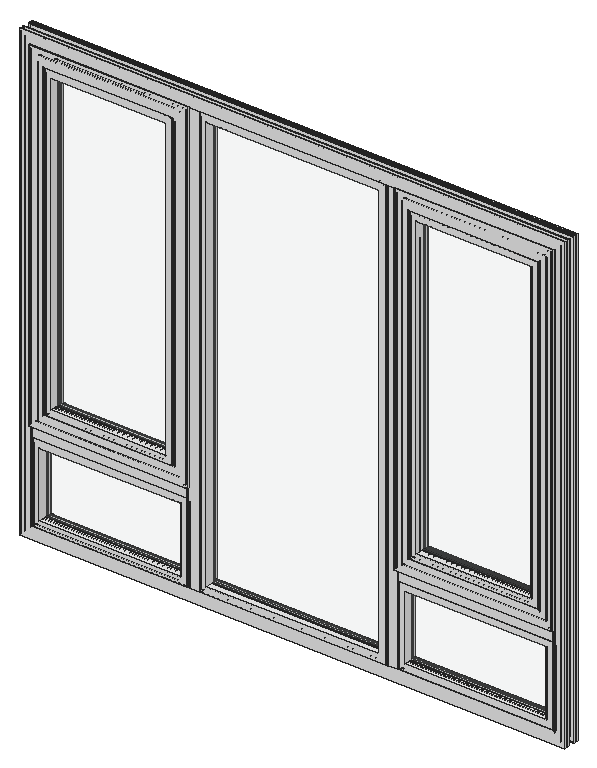
Revit family "Serene_T&T_Window_F_Custom", category Windows, host Wall, Revit 2014
Parameters (values of type "Serene_T&T_Window_F_Custom")
  Windload Design = if(Custom Windload < 1001 mm, 1000 mm, if(Custom Windload < 1501 mm, 1500 mm, 2000 mm))  # 1000 mm
  Width Sash [instance] = 522 mm
  Width = if(Custom Window Width > Limit Window Width Max, Limit Window Width Max, if(Custom Window Width < Limit Window Width Min, Limit Window Width Min, Custom Window Width))  # 1790 mm
  Wall Thickness [instance] = 200 mm
  URL = "http://www.crealco.co.za/crealco-products.php"
  Thermal Resistance (R) [instance] = if(and(Custom U Value > 0.5678, 1 / Custom U Value < 36.9087), Custom U Value, if(not(Custom U Value > 0.5678), 1 / 0.5679, 1 / 36.9086)) * 1.0000 (m²·K)/W  # 1.76087 (m²·K)/W
  Standard Mullion = not(Heavy Duty Mullion)  # yes
  Solar Heat Gain Coefficient [instance] = if(and(not(Custom SHGC Value < 0), not(Custom SHGC Value > 1)), Custom SHGC Value, if(Custom U Value < 0, 0, 1))  # 0
  Sash Width = if(Custom Sash Width > Limit Sash Width Max, Limit Sash Width Max, if(Custom Sash Width < Limit Sash Width Min, Limit Sash Width Min, Custom Sash Width))  # 522 mm
  Sash Overlap = 28 mm  # constant formula
  Sash Height = if(Custom Sash Height > Limit Sash Height Max, Limit Sash Height Max, if(Custom Sash Height < Limit Sash Height Min, Limit Sash Height Min, Custom Sash Height))  # 1122 mm
  Sash Frame Gasket = 3.4 mm  # constant formula
  Sash Edge Gap = 34 mm  # constant formula
  Overall Width [instance] = 1790 mm
  Overall Height [instance] = 1490 mm
  Mullion Side Spacing = Sash Edge Gap + Sash Width - Sash Overlap  # 528 mm
  Max System DG Unit Thickness = 20 mm  # constant formula
  Max System DG One Piece Thickness = rounddown((Max System DG Unit Thickness - 12 mm) / 2 mm) * 1 mm  # 4 mm
  Max Pane Area = if(and(Area Glazing Sash > Area Glazing Fixed Panel Middle, Area Glazing Sash > Area Glazing Fixed Panel Bottom), Area Glazing Sash, if(and(Area Glazing Fixed Panel Middle > Area Glazing Sash, Area Glazing Fixed Panel Middle > Area Glazing Fixed Panel Bottom), Area Glazing Fixed Panel Middle, if(and(Area Glazing Fixed Panel Bottom > Area Glazing Sash, Area Glazing Fixed Panel Bottom > Area Glazing Fixed Panel Middle), Area Glazing Fixed Panel Bottom, if(Area Glazing Sash > Area Glazing Fixed Panel Middle, Area Glazing Sash, Area Glazing Fixed Panel Middle))))  # 0.84112 m²
  Limit Fixed Panel Width Max = 1800 mm  # constant formula
  Limit Fixed Panel Height Min = 200 mm  # constant formula
  Limit Fixed Panel Height Max = 1800 mm  # constant formula
  Length Transom = Sash Width - 6 mm - 6.4 mm  # 509.6 mm
  Length Decorative Mullion = Height  # 1490 mm
  Custom U Value = 0
  Custom SHGC Value = 0
  IGDB or SAGDB Number [instance] = 0
  Height Sash [instance] = 1122 mm
  Height = if(Custom Window Height > Limit Window Height Max, Limit Window Height Max, if(Custom Window Height < Limit Window Height Min, Limit Window Height Min, Custom Window Height))  # 1490 mm
  Heavy Duty Mullion = if(Windload Design = 1000 mm, if(and(Width > 890 mm, Height > 1490 mm), 1 = 1, 1 = 0), if(Windload Design = 1500 mm, if(or(and(Width > 1190 mm, Height > 1190 mm), Height > 1490 mm), 1 = 1, 1 = 0), if(or(and(Width > 890 mm, Height > 1190 mm), Height > 1490 mm), 1 = 1, 1 = 0)))  # no
  Heat Transfer Coefficient (U) [instance] = if(and(Custom U Value > 0.5678, Custom U Value < 36.9087), Custom U Value, if(not(Custom U Value > 0.5678), 0.5679, 36.9086)) * 1.0000 W/(m²·K)  # 0.5679 W/(m²·K)
  Glazing Material [instance] = if(IGDB or SAGDB Number = 1000015, "PFG CLEARVUE 4mm", if(IGDB or SAGDB Number = 9922, "PFG ENERGY ADVANTAGE 4mm LOW-E", if(IGDB or SAGDB Number = 100100, "PFG INTRUDERPRUFE 6.38mm", if(IGDB or SAGDB Number = 103200, "PFG INTRUDERPRUFE LOW-E 7.38mm", if(IGDB or SAGDB Number = 105001, "PFG 20mm CLEARVUE INSULATED GLASS", if(IGDB or SAGDB Number = 105002, "PFG 20mm CLEARVUE INSULATED GLASS LOW-E", "Unknown"))))))  # "Unknown"
  Glazing Code [instance] = if(IGDB or SAGDB Number = 1000015, "CF4", if(IGDB or SAGDB Number = 9922, "CF4E", if(IGDB or SAGDB Number = 100100, "LAM01", if(IGDB or SAGDB Number = 103200, "LAM01E", if(IGDB or SAGDB Number = 105001, "IGU20", if(IGDB or SAGDB Number = 105002, "IGU20E", "Unknown"))))))  # "Unknown"
  Frame Width = 62 mm  # constant formula
  Frame Thickness = 52 mm  # constant formula
  Frame Offset From Exterior [instance] = if(Centered In Wall, (Wall Thickness - Frame Thickness) / 2, Custom Window Exterior Offset)  # 74 mm
  Fixed Panel Middle Width = Width - (2 * Sash Width) - (2 * Sash Edge Gap) - (33.6 mm * 2)  # 610.8 mm
  Fixed Panel Middle Height = Height - (2 mm * 40)  # 1410 mm
  Fixed Panel Bottom Width = Sash Width - 6 mm - 6.4 mm  # 509.6 mm
  Fixed Panel Bottom Height = Height - Sash Edge Gap - Sash Height - 40 mm - 33.6 mm  # 260.4 mm
  DG Thickness Calc = if(not(Max Pane Area > 1.125 m²), 4 mm, if(not(Max Pane Area > 2.25 m²), 4 mm, if(not(Max Pane Area > 3.15 m²), 5 mm, if(not(Max Pane Area > 4.35 m²), 6 mm, if(not(Max Pane Area > 6.45 m²), 8 mm, 10 mm)))))  # 4 mm
  DG Thickness [instance] = if(IGDB or SAGDB Number = 105001, 4 mm, if(IGDB or SAGDB Number = 105002, 4 mm, if(DG Thickness Calc > Max System DG One Piece Thickness, Max System DG One Piece Thickness, DG Thickness Calc)))  # 4 mm
  DG Gasket Tickness = 12 mm  # constant formula
  Custom Window Width = 1790 mm
  Custom Window Height = 1490 mm
  Custom Window Exterior Offset = 0 mm
  Custom Windload = 1000 mm
  Custom Sash Width = 522 mm
  Single Glazing [instance] = not(Double Glazing)  # yes
  SG Thickness [instance] = if(IGDB or SAGDB Number = 1000015, 4 mm, if(IGDB or SAGDB Number = 9922, 4 mm, if(IGDB or SAGDB Number = 100100, 6 mm, if(IGDB or SAGDB Number = 103200, 7 mm, if(not(Max Pane Area > 0.75 m²), 4 mm, if(not(Max Pane Area > 1.50 m²), 4 mm, if(not(Max Pane Area > 2.10 m²), 5 mm, if(not(Max Pane Area > 2.90 m²), 6.4 mm, if(not(Max Pane Area > 4.30 m²), 8 mm, 10 mm)))))))))  # 4 mm
  Model = "Serene"  # constant formula
  Manufacturer = "Crealco"  # constant formula
  Limit Window Width Min = Limit Fixed Panel Width Min + (2 * Sash Width) + (2 * Sash Edge Gap) + (2 mm * 33.6)  # 1379.2 mm
  Limit Window Width Max = Limit Fixed Panel Width Max + (2 * Sash Width) + (2 * Sash Edge Gap) + (2 mm * 33.6)  # 2979.2 mm
  Limit Window Height Min = Sash Edge Gap + Sash Height + 33.6 mm + Limit Fixed Panel Height Min + 40 mm  # 1429.6 mm
  Limit Window Height Max = Limit Fixed Panel Height Max + (2 mm * 40)  # 1880 mm
  Limit Sash Width Min = 300 mm  # constant formula
  Limit Sash Width Max = 700 mm  # constant formula
  Limit Sash Height Min = 300 mm  # constant formula
  Limit Sash Height Max = 1500 mm  # constant formula
  Limit Fixed Panel Width Min = 200 mm  # constant formula
  Length Mullion = Height - (2 mm * 40)  # 1410 mm
  Glazing Finish [instance] = Glass
  Double Glazing [instance] = no
  Description = "Tilt and turn window, Type F custom"  # constant formula
  Default Sill Height = 800 mm
  Wall Closure = By host
  DG Gasket Finish = Double Glazing Gasket Material
  Custom Sash Height = 1122 mm
  Centered In Wall = yes
  Area Glazing Sash = (Sash Width - (2 mm * 50.2)) * (Sash Height - (2 mm * 50.2))  # 0.430707 m²
  Area Glazing Fixed Panel Middle = (Fixed Panel Middle Width - 10 mm) * (Fixed Panel Middle Height - 10 mm)  # 0.84112 m²
  Area Glazing Fixed Panel Bottom = (Fixed Panel Bottom Width - 10 mm) * (Fixed Panel Bottom Height - 10 mm)  # 0.1251 m²
  Aluminium Finish [instance] = White Powder Coated Aluminium
  All Available Glazing Numbers [instance] = "The rows below list the available glazing materials for this window:"  # constant formula
  9922 [instance] = "CF4E"  # constant formula
  105002 [instance] = "IGU20E"  # constant formula
  105001 [instance] = "IGU20"  # constant formula
  103200 [instance] = "LAM01E"  # constant formula
  100100 [instance] = "LAM01"  # constant formula
  1000015 [instance] = "CF4"  # constant formula
Reference planes
  plane 1 "Center (Front/Back)": y = 0
  plane 2 "Center (Left/Right)": x = 0
  plane 3 "Left": x = -895
  plane 4 "Right": x = 895
  plane 5 "Sill": z = 800
  plane 6 "Head": z = 2290
  plane 7 "Exterior": y = 100
  plane 8 "Interior": y = -100
  plane 9: y = 0
Lines and regions (mm)
  Opening 1
    outline origin (3500, -100, 0) x (1, 0, 0) y (0, 0, 1)
      loop
        line (-2605, 800) -> (-2605, 2290) -> (-4395, 2290) -> (-4395, 800) -> (-2605, 800)
Text (mm)
  text "EXTERIOR" at (-1963.203, 1332.353, 0), in view "Ref. Level"
  text "INTERIOR" at (-1981.466, -818.386, 0), in view "Ref. Level"
  text "Exterior" at (0, 923.751, 2943.296), in view "Right"
  text "Exterior" at (0, 1040.484, 2685.409), in view "Left"
Dimensions and locks
  equal spacing: plane 3 "Left", plane 2 "Center (Left/Right)", plane 4 "Right"
  "Width": plane 3 "Left" to plane 4 "Right"
  "Height": plane 5 "Sill" to plane 6 "Head"
  "Default Sill Height": plane 5 "Sill" to level
  locked: plane 7 "Exterior" to host wall at 0
  locked: plane 8 "Interior" to host wall
  "Overall Height": plane 5 "Sill" to plane 6 "Head"
  "Overall Width": plane 3 "Left" to plane 4 "Right"
  "Frame Offset From Exterior": nested 1 to plane 7 "Exterior"
  "Wall Thickness": host wall to host wall
  "Sash Edge Gap": plane 6 "Head" to nested 3
  "Sash Frame Gasket": nested 3 to nested 1
  "Sash Edge Gap": nested 3 to plane 4 "Right"
  "Width Sash": nested 3 to nested 3
  "Height Sash": nested 3 to nested 3
  "Sash Edge Gap": plane 3 "Left" to nested 6
  "Sash Frame Gasket": nested 6 to nested 1
  "Sash Edge Gap": plane 6 "Head" to nested 6
  aligned and locked: plane 9 to host wall
  aligned and locked: nested 1 to plane 4 "Right"
  aligned and locked: nested 1 to plane 6 "Head"
  aligned and locked: nested 2 to nested 1
  aligned and locked: nested 1 to nested 4
  aligned and locked: nested 4 to nested 1
  aligned and locked: nested 4 to nested 2
  aligned and locked: nested 1 to nested 5
  aligned and locked: nested 2 to nested 5
  aligned and locked: nested 2 to nested 3
  aligned and locked: nested 1 to nested 10
  aligned and locked: nested 1 to nested 11  (x2)
  aligned and locked: nested 10 to nested 1
  aligned and locked: nested 3 to nested 10
  aligned and locked: nested 3 to nested 11
  aligned and locked: nested 14 to nested 1  (x2)
  aligned and locked: nested 1 to nested 14
  aligned and locked: nested 12 to nested 1  (x2)
  aligned and locked: nested 1 to nested 12
  aligned and locked: nested 1 to nested 16
  aligned and locked: nested 16 to nested 5
  aligned and locked: nested 1 to nested 17
  aligned and locked: nested 17 to nested 2
  aligned and locked: nested 17 to plane 6 "Head"
  aligned and locked: nested 16 to plane 6 "Head"
  aligned and locked: nested 16 to nested 6
Automatic sketch dimensions
  Opening 1 sketch curve to plane 3 "Left" = 0 mm
  Opening 1 sketch curve to plane 4 "Right" = 0 mm
  Opening 1 sketch curve to plane 5 "Sill" = 0 mm
  Opening 1 sketch curve to plane 6 "Head" = 0 mm
Nested families
  nested 1: "Serene_Frame_Rounded_Ext_52mm_F_Cust" at (-895, -26, 800), Frame Width <- "Width", Frame Height <- "Height", Profile Material <- "Aluminium Finish", type "Serene_Frame_Rounded_Ext_52mm_F_Cust"
    with Profile Material White Powder Coated Aluminium, Frame Width 1790 mm, Frame Height 1490 mm
  nested 2: "Serene_Mullion_44mm_Flat_F_Cust" at (372.15, -33.553, 840) x (0, 1, 0) z (0, 0, 1), Length Mullion <- "Length Mullion", Profile Material <- "Aluminium Finish", visible <- "Standard Mullion", type "Serene_Mullion_44mm_Flat_F_Cust"
    with Profile Material White Powder Coated Aluminium, Length Mullion 1410 mm
  nested 3: "Serene_Sash_Open_In_72mm_F_Cust" at (861, -32.8, 1134) x (-1, 0, 0) z (0, 0, 1), Profile Material <- "Aluminium Finish", Glazing Material <- "Glazing Finish", Double Glazing Gasket Material <- "DG Gasket Finish", Width Sash <- "Sash Width", Height Sash <- "Sash Height", SG Glazing Thickness <- "SG Thickness", DG Glazing Thickness <- "DG Thickness", DG Gasket Thickness <- "DG Gasket Tickness", Double Glazing <- "Double Glazing", Single Glazing <- "Single Glazing", type "Serene_Sash_Open_In_72mm_F_Cust"
    with Width Sash 522 mm, Width Bead 422 mm, Tilt yes, Single Glazing yes, SG Offset 32.25 mm, SG Glazing Thickness 4 mm, Right Hinged yes, Profile Material White Powder Coated Aluminium, Left Hinged no, Height Sash 1122 mm, Height Bead 1022 mm, Glazing Width 421.6 mm, Glazing Material Glass, Glazing Height 1021.6 mm, Double Glazing Gasket Material Double Glazing Gasket Material, Double Glazing no, DG Offset 18.75 mm, DG Glazing Thickness 4 mm, DG Gasket Thickness 12 mm
  nested 4: "Serene_Fixed_Panel_F_Cust" at (-305.4, -26, 840), Profile Material <- "Aluminium Finish", Glazing Material <- "Glazing Finish", Double Glazing Gasket Material <- "DG Gasket Finish", SG Thickness <- "SG Thickness", Fixed Panel Width <- "Fixed Panel Middle Width", Fixed Panel Height <- "Fixed Panel Middle Height", DG Thickness <- "DG Thickness", Single Glazing <- "Single Glazing", Double Glazing <- "Double Glazing", type "Serene_Fixed_Panel_F_Cust"
    with Single Glazing yes, SG Thickness 4 mm, SG Space Available 13 mm, SG Offset 4.5 mm, Profile Material White Powder Coated Aluminium, Glazing Width 600.8 mm, Glazing Material Glass, Glazing Height 1400 mm, Fixed Panel Width 610.8 mm, Fixed Panel Height 1410 mm, Double Glazing Gasket Material Double Glazing Gasket Material, Double Glazing no, DG Thickness 4 mm, DG Space Available 24 mm, DG Offset 2 mm, DG Gasket Thickness 12 mm
  nested 5: "Serene_Mullion_44mm_Flat_F_Cust" at (-278.65, -33.553, 840) x (0, 1, 0) z (0, 0, 1), Length Mullion <- "Length Mullion", Profile Material <- "Aluminium Finish", visible <- "Standard Mullion", type "Serene_Mullion_44mm_Flat_F_Cust"
    with Profile Material White Powder Coated Aluminium, Length Mullion 1410 mm
  nested 6: "Serene_Sash_Open_In_72mm_F_Cust" at (-339, -32.8, 1134) x (-1, 0, 0) z (0, 0, 1), Profile Material <- "Aluminium Finish", Glazing Material <- "Glazing Finish", Double Glazing Gasket Material <- "DG Gasket Finish", Width Sash <- "Sash Width", Height Sash <- "Sash Height", SG Glazing Thickness <- "SG Thickness", DG Glazing Thickness <- "DG Thickness", DG Gasket Thickness <- "DG Gasket Tickness", Double Glazing <- "Double Glazing", Single Glazing <- "Single Glazing", type "Serene_Sash_Open_In_72mm_F_Cust"
    with Width Sash 522 mm, Width Bead 422 mm, Tilt yes, Single Glazing yes, SG Offset 32.25 mm, SG Glazing Thickness 4 mm, Right Hinged no, Profile Material White Powder Coated Aluminium, Left Hinged yes, Height Sash 1122 mm, Height Bead 1022 mm, Glazing Width 421.6 mm, Glazing Material Glass, Glazing Height 1021.6 mm, Double Glazing Gasket Material Double Glazing Gasket Material, Double Glazing no, DG Offset 18.75 mm, DG Glazing Thickness 4 mm, DG Gasket Thickness 12 mm
  nested 7: "Serene_Single_Glazing_Tilt_&_Turn_F_Cust" at (810.8, 3.45, 1184.2), type "Serene_Single_Glazing_Tilt_&_Turn_F_Cust"
    with Tilt yes, Right Hinged yes, Left Hinged no, Half Width 210.8 mm, Half Height 510.8 mm, Glazing Width 421.6 mm, Glazing Thickness SG 4 mm, Glazing Material Glass, Glazing Height 1021.6 mm
  nested 8: "Serene_Single_Glazing_Fixed_F_Cust" at (300.4, 10, 845), type "Serene_Single_Glazing_Fixed_F_Cust"
    with Glazing Width 600.8 mm, Glazing Thickness SG 4 mm, Glazing Material Glass, Glazing Height 1400 mm
  nested 9: "Serene_Single_Glazing_Tilt_&_Turn_F_Cust" at (-389.2, 3.45, 1184.2), type "Serene_Single_Glazing_Tilt_&_Turn_F_Cust"
    with Tilt yes, Right Hinged no, Left Hinged yes, Half Width 210.8 mm, Half Height 510.8 mm, Glazing Width 421.6 mm, Glazing Thickness SG 4 mm, Glazing Material Glass, Glazing Height 1021.6 mm
  nested 10: "Serene_Transom_44mm_Flat_F_Cust" at (-855, -40.48, 787.299), Profile Material <- "Aluminium Finish", Length Transom <- "Length Transom", type "Serene_Transom_44mm_Flat_F_Cust"
    with Profile Material White Powder Coated Aluminium, Length Transom 509.6 mm
  nested 11: "Serene_Transom_44mm_Flat_F_Cust" at (345.4, -40.48, 787.299), Profile Material <- "Aluminium Finish", Length Transom <- "Length Transom", type "Serene_Transom_44mm_Flat_F_Cust"
    with Profile Material White Powder Coated Aluminium, Length Transom 509.6 mm
  nested 12: "Serene_Fixed_Panel_F_Cust" at (345.4, -26, 840), Profile Material <- "Aluminium Finish", Glazing Material <- "Glazing Finish", Double Glazing Gasket Material <- "DG Gasket Finish", SG Thickness <- "SG Thickness", Fixed Panel Width <- "Fixed Panel Bottom Width", Fixed Panel Height <- "Fixed Panel Bottom Height", DG Thickness <- "DG Thickness", Single Glazing <- "Single Glazing", Double Glazing <- "Double Glazing", type "Serene_Fixed_Panel_F_Cust"
    with Single Glazing yes, SG Thickness 4 mm, SG Space Available 13 mm, SG Offset 4.5 mm, Profile Material White Powder Coated Aluminium, Glazing Width 499.6 mm, Glazing Material Glass, Glazing Height 250.4 mm, Fixed Panel Width 509.6 mm, Fixed Panel Height 260.4 mm, Double Glazing Gasket Material Double Glazing Gasket Material, Double Glazing no, DG Thickness 4 mm, DG Space Available 24 mm, DG Offset 2 mm, DG Gasket Thickness 12 mm
  nested 13: "Serene_Single_Glazing_Fixed_F_Cust" at (850, 10, 845), type "Serene_Single_Glazing_Fixed_F_Cust"
    with Glazing Width 499.6 mm, Glazing Thickness SG 4 mm, Glazing Material Glass, Glazing Height 250.4 mm
  nested 14: "Serene_Fixed_Panel_F_Cust" at (-855, -26, 840), Profile Material <- "Aluminium Finish", Glazing Material <- "Glazing Finish", Double Glazing Gasket Material <- "DG Gasket Finish", SG Thickness <- "SG Thickness", Fixed Panel Width <- "Fixed Panel Bottom Width", Fixed Panel Height <- "Fixed Panel Bottom Height", DG Thickness <- "DG Thickness", Single Glazing <- "Single Glazing", Double Glazing <- "Double Glazing", type "Serene_Fixed_Panel_F_Cust"
    with Single Glazing yes, SG Thickness 4 mm, SG Space Available 13 mm, SG Offset 4.5 mm, Profile Material White Powder Coated Aluminium, Glazing Width 499.6 mm, Glazing Material Glass, Glazing Height 250.4 mm, Fixed Panel Width 509.6 mm, Fixed Panel Height 260.4 mm, Double Glazing Gasket Material Double Glazing Gasket Material, Double Glazing no, DG Thickness 4 mm, DG Space Available 24 mm, DG Offset 2 mm, DG Gasket Thickness 12 mm
  nested 15: "Serene_Single_Glazing_Fixed_F_Cust" at (-350.4, 10, 845), type "Serene_Single_Glazing_Fixed_F_Cust"
    with Glazing Width 499.6 mm, Glazing Thickness SG 4 mm, Glazing Material Glass, Glazing Height 250.4 mm
  nested 16: "Serene_Mullion_73mm_Decorative_F_Cust" at (-280.796, -30.05, 800) x (0, 1, 0) z (0, 0, 1), Profile Material <- "Aluminium Finish", Length Mullion <- "Length Decorative Mullion", visible <- "Heavy Duty Mullion", type "Serene_Mullion_73mm_Decorative_F_Cust"
    with Profile Material White Powder Coated Aluminium, Length Mullion 1490 mm
  nested 17: "Serene_Mullion_73mm_Decorative_F_Cust" at (370.004, -30.05, 800) x (0, 1, 0) z (0, 0, 1), Profile Material <- "Aluminium Finish", Length Mullion <- "Length Decorative Mullion", visible <- "Heavy Duty Mullion", type "Serene_Mullion_73mm_Decorative_F_Cust"
    with Profile Material White Powder Coated Aluminium, Length Mullion 1490 mm
Definition of nested family "Serene_Frame_Rounded_Ext_52mm_F_Cust"
  Parameters (values of type "Serene_Frame_Rounded_Ext_52mm")
    Profile Material [instance] = none
    Frame Width [instance] = 600 mm
    Frame Height [instance] = 900 mm
  Reference planes
    plane 1 "Center (Front/Back)": y = 0
    plane 2: z = 0
    plane 3 "Center (Left/Right)": x = 0
  Forms (mm)
    Sweep 1, solid, material <- "Profile Material"
      path origin (0, 0, 0) x (1, 0, 0) y (0, 0, 1)
        loop
          line (0, 0) -> (600, 0) -> (600, 900) -> (0, 900) -> (0, 0)
      profile origin (300, 0, 0) x (0, 0, 1) y (0, -1, 0)
        loop
          line (32.05, -9) -> (32.05, -8) -> (33.7, -8) -> (33.7, -1.3) -> (15.1, -1.3) -> (15.1, -8) -> (16.75, -8) -> (16.75, -9) -> (15.1, -9) -> (15.1, -42.5) -> (16.75, -42.5) -> (16.75, -43.5) -> (15.1, -43.5) -> (15.1, -50.7) -> (33.7, -50.7) -> (33.7, -43.5) -> (32.05, -43.5) -> (32.05, -42.5) -> (33.7, -42.5) -> (33.7, -9) -> (32.05, -9)
        loop
          arc (52.4, -49.7) -> (52.107, -48.993) -> (51.4, -48.7) r 1
          line (51.4, -48.7) -> (50.4, -48.7)
          arc (50.4, -48.7) -> (49.9, -49.2) -> (50.4, -49.7) r 0.5
          line (50.4, -49.7) -> (51.2, -49.7) -> (51.2, -50.7) -> (35, -50.7) -> (35, -49.7) -> (36, -49.7)
          arc (36, -49.7) -> (36.5, -49.2) -> (36, -48.7) r 0.5
          line (36, -48.7) -> (35, -48.7) -> (35, -35.9) -> (40, -35.9) -> (40, -32.956) -> (38.5, -31.79) -> (38.5, -34.6) -> (35, -34.6) -> (35, -21.1) -> (38.5, -21.1) -> (38.5, -26.41) -> (40, -25.244) -> (40, -18.807) -> (38, -17.818) -> (38, -19.5) -> (35, -19.5) -> (35, -1.5) -> (38, -1.5) -> (38, -4.182) -> (40, -3.193) -> (40, 0) -> (0, 0) -> (0, -2.7) -> (1.3, -2.7) -> (1.3, -1.5) -> (13.8, -1.5) -> (13.8, -13.05) -> (0, -13.05) -> (0, -16.05) -> (1.3, -16.05) -> (1.3, -14.35) -> (13.8, -14.35) -> (13.8, -37.65) -> (1.3, -37.65) -> (1.3, -35.95) -> (0, -35.95) -> (0, -38.95) -> (13.8, -38.95) -> (13.8, -50.5) -> (1.3, -50.5) -> (1.3, -49.3) -> (0, -49.3) -> (0, -52) -> (58, -52)
          arc (58, -52) -> (60.828, -50.828) -> (62, -48) r 4
          line (62, -48) -> (62, -40.5) -> (59.5, -40.5) -> (59.5, -41.7) -> (60.7, -41.7) -> (60.7, -43.7) -> (55.5, -43.7) -> (55.5, -41.7) -> (56.7, -41.7) -> (56.7, -40.5) -> (54.2, -40.5) -> (54.2, -44)
          arc (54.2, -44) -> (54.493, -44.707) -> (55.2, -45) r 1
          line (55.2, -45) -> (60.7, -45) -> (60.7, -48)
          arc (60.7, -48) -> (59.909, -49.909) -> (58, -50.7) r 2.7
          line (58, -50.7) -> (52.4, -50.7) -> (52.4, -49.7)
  Lines and regions (mm)
    model lines, style "GenericModel"
      curve 1: line (600, 52, 900) -> (541.992, 52, 841.992)
      curve 2: line (0, 52, 900) -> (58.006, 52, 841.994)
      curve 3: line (0, 52, 0) -> (58.008, 52, 58.008)
      curve 4: line (600, 52, 0) -> (541.992, 52, 58.008)
      curve 5: line (0, 0, 900) -> (40, 0, 860)
      curve 6: line (600, 0, 900) -> (560, 0, 860)
      curve 7: line (600, 0, 0) -> (560, 0, 40)
      curve 8: line (0, 0, 0) -> (40, 0, 40)
  Dimensions and locks
    "Frame Width": Sweep 1 sketch curve to Sweep 1 sketch curve
    "Frame Height": Sweep 1 sketch curve to Sweep 1 sketch curve
    aligned and locked: level to plane 2
  Automatic sketch dimensions
    Sweep 1 sketch curve to Sweep 1 sketch curve = 0 mm  (x9)
    Sweep 1 sketch curve to profile plane = 0 mm  (x4)
    Sweep 1 sketch curve to Sweep 1 sketch curve = 1.3 mm  (x13)
    Sweep 1 sketch curve to Sweep 1 sketch curve = 12.5 mm  (x2)
    Sweep 1 sketch curve to Sweep 1 sketch curve = 1.65 mm  (x4)
    Sweep 1 sketch curve to Sweep 1 sketch curve = 15.3 mm  (x2)
    Sweep 1 sketch curve to Sweep 1 sketch curve = 1 mm  (x10)
    Sweep 1 sketch curve to Sweep 1 sketch curve = 3 mm  (x3)
    Sweep 1 sketch curve to Sweep 1 sketch curve = 0.5 mm  (x2)
    Sweep 1 sketch curve to Sweep 1 sketch curve = 3.5 mm
    Sweep 1 sketch curve to Sweep 1 sketch curve = 2 mm  (x3)
    Sweep 1 sketch curve to Sweep 1 sketch curve = 1.5 mm  (x3)
    Sweep 1 sketch curve to Sweep 1 sketch curve = 14.4 mm
    Sweep 1 sketch curve to Sweep 1 sketch curve = 0.8 mm
    Sweep 1 sketch curve to Sweep 1 sketch curve = 0.2 mm  (x3)
    Sweep 1 sketch curve to Sweep 1 sketch curve = 2.8 mm  (x3)
    Sweep 1 sketch curve to Sweep 1 sketch curve = 0.3 mm
    Sweep 1 sketch curve to Sweep 1 sketch curve = 1.2 mm  (x6)
    Sweep 1 sketch curve to plane 1 "Center (Front/Back)" = 52 mm
    Sweep 1 sketch curve to Sweep 1 sketch curve = 5.2 mm
    Sweep 1 sketch curve to Sweep 1 sketch curve = 7 mm
    Sweep 1 sketch curve to Sweep 1 sketch curve = 10.35 mm  (x2)
    Sweep 1 sketch curve to Sweep 1 sketch curve = 1.7 mm  (x2)
    Sweep 1 sketch curve to Sweep 1 sketch curve = 6.6 mm
    Sweep 1 sketch curve to Sweep 1 sketch curve = 1.644 mm
    Sweep 1 sketch curve to Sweep 1 sketch curve = 1.167 mm  (x2)
    Sweep 1 sketch curve to Sweep 1 sketch curve = 5.379 mm
    Sweep 1 sketch curve to Sweep 1 sketch curve = 4.144 mm
    Sweep 1 sketch curve to Sweep 1 sketch curve = 1.6 mm
    Sweep 1 sketch curve to Sweep 1 sketch curve = 0.693 mm
    Sweep 1 sketch curve to Sweep 1 sketch curve = 1.682 mm
    Sweep 1 sketch curve to Sweep 1 sketch curve = 19.9 mm
    Sweep 1 sketch curve to Sweep 1 sketch curve = 8.818 mm
    Sweep 1 sketch curve to Sweep 1 sketch curve = 4.05 mm
    Sweep 1 sketch curve to Sweep 1 sketch curve = 3.818 mm
    Sweep 1 sketch curve to Sweep 1 sketch curve = 0.99 mm
    Sweep 1 sketch curve to Sweep 1 sketch curve = 6.5 mm
    Sweep 1 sketch curve to Sweep 1 sketch curve = 1.693 mm
    curve 1 to Sweep 1 = 0 mm
    Sweep 1 to curve 1 = 0 mm
    curve 2 to Sweep 1 = 0 mm  (x2)
    curve 3 to Sweep 1 = 0 mm  (x2)
    curve 4 to Sweep 1 = 0 mm  (x2)
    curve 2 to Sweep 1 = 0.006 mm  (x2)
    curve 3 to Sweep 1 = 0.008 mm  (x2)
    curve 1 to Sweep 1 = 0.008 mm  (x2)
    curve 4 to Sweep 1 = 0.008 mm  (x2)
    curve 5 to Sweep 1 = 0 mm  (x4)
    curve 6 to Sweep 1 = 0 mm  (x4)
    curve 7 to Sweep 1 = 0 mm  (x3)
    Sweep 1 to curve 7 = 0 mm
    curve 8 to Sweep 1 = 0 mm  (x3)
    Sweep 1 to curve 8 = 0 mm
    Sweep 1 sketch curve to plane 3 "Center (Left/Right)" = 0 mm
    Sweep 1 sketch curve to level = 0 mm
Definition of nested family "Serene_Mullion_44mm_Flat_F_Cust"
  Parameters (values of type "Serene_Mullion_44mm_Flat")
    Profile Material [instance] = none
    Length Mullion [instance] = 250 mm
    Length Cut = 22 mm
  Reference planes
    plane 1 "Center (Front/Back)": y = 0
    plane 2: z = 0
    plane 3 "Center (Left/Right)": x = 0
  Forms (mm)
    Extrusion 1, solid, material <- "Profile Material"
      sketch origin (0, 0, 0) x (1, 0, 0) y (0, 1, 0)
        loop
          line (9.056, 33.15) -> (50.755, 33.15) -> (50.755, 60.35) -> (9.056, 60.35) -> (9.056, 33.15)
        loop
          line (52.256, 88.75) -> (48.053, 88.75) -> (48.053, 86.25) -> (49.253, 86.25) -> (49.253, 87.45) -> (50.757, 87.45) -> (50.757, 82.25) -> (49.253, 82.25) -> (49.253, 83.45) -> (48.053, 83.45) -> (48.053, 80.95) -> (50.755, 80.95) -> (50.755, 61.75) -> (43.453, 61.75) -> (43.453, 66.75) -> (40.51, 66.75) -> (39.343, 65.25) -> (42.153, 65.25) -> (42.153, 61.75) -> (28.653, 61.75) -> (28.653, 65.25) -> (33.964, 65.25) -> (32.797, 66.75) -> (26.361, 66.75) -> (25.371, 64.75) -> (27.053, 64.75) -> (27.053, 61.75) -> (9.053, 61.75) -> (9.053, 64.75) -> (11.736, 64.75) -> (10.746, 66.75) -> (7.553, 66.75) -> (7.553, 26.749) -> (10.746, 26.749) -> (11.736, 28.749) -> (9.053, 28.749) -> (9.053, 31.749) -> (27.053, 31.749) -> (27.053, 28.749) -> (25.371, 28.749) -> (26.361, 26.749) -> (32.797, 26.749) -> (33.964, 28.249) -> (28.653, 28.249) -> (28.653, 31.749) -> (42.153, 31.749) -> (42.153, 28.249) -> (39.343, 28.249) -> (40.51, 26.749) -> (43.453, 26.749) -> (43.453, 31.749) -> (50.755, 31.749) -> (50.755, 12.55) -> (48.053, 12.55) -> (48.053, 10.05) -> (49.253, 10.05) -> (49.253, 11.25) -> (50.757, 11.25) -> (50.757, 6.05) -> (49.253, 6.05) -> (49.253, 7.25) -> (48.053, 7.25) -> (48.053, 4.75) -> (52.256, 4.75) -> (52.256, 88.75)
      from 0 to 250 <- "Length Mullion"
    Extrusion 2, void
      sketch origin (0, 0, 250) x (0, 1, 0) y (1, 0, 0)
        loop
          line (88.75, 48.053) -> (88.75, 52.256) -> (4.75, 52.256) -> (4.75, 48.053) -> (88.75, 48.053)
      from 0 to 22 <- "Length Cut"
    Extrusion 3, void
      sketch origin (0, 0, 0) x (1, 0, 0) y (0, 1, 0)
        loop
          line (48.053, 4.75) -> (52.256, 4.75) -> (52.256, 88.75) -> (48.053, 88.75) -> (48.053, 4.75)
      from 0 to 22 <- "Length Cut"
  Cuts and joins
    Extrusion 2, Extrusion 3 cuts Extrusion 1
  Dimensions and locks
    aligned and locked: level to plane 2
Definition of nested family "Serene_Sash_Open_In_72mm_F_Cust"
  Parameters (values of type "Serene_Sash_Open_In_72mm")
    Width Sash [instance] = 600 mm
    Width Bead [instance] = Width Sash - (Bead Edge Offset * 2)  # 500 mm
    Tilt [instance] = yes
    Single Glazing [instance] = yes
    SG Offset [instance] = Rear Glazing Channel Offset - SG Available Space + ((SG Available Space - SG Glazing Thickness) / 2)  # 32.25 mm
    SG Glazing Thickness [instance] = 4 mm
    SG Available Space = 13.5 mm  # constant formula
    Right Hinged [instance] = yes
    Rear Glazing Channel Offset = 41 mm  # constant formula
    Profile Material [instance] = none
    Left Hinged [instance] = yes
    Height Sash [instance] = 900 mm
    Height Bead [instance] = Height Sash - (Bead Edge Offset * 2)  # 800 mm
    Glazing Width [instance] = Width Sash - (Glazing Edge Offset * 2)  # 499.6 mm
    Glazing Material [instance] = Glass
    Glazing Height [instance] = Height Sash - (Glazing Edge Offset * 2)  # 799.6 mm
    Glazing Edge Offset = 50.2 mm  # constant formula
    Double Glazing Gasket Material [instance] = none
    Double Glazing [instance] = yes
    DG Offset [instance] = Rear Glazing Channel Offset - DG Available Space + ((DG Available Space - DG Gasket Thickness - (2 * DG Glazing Thickness)) / 2)  # 18.75 mm
    DG Glazing Thickness [instance] = 4 mm
    DG Gasket Thickness [instance] = 12 mm
    DG Available Space = 24.5 mm  # constant formula
    Bead Edge Offset = 50 mm  # constant formula
  Reference planes
    plane 1 "Center (Front/Back)": y = 0
    plane 2: z = 0
    plane 3 "Center (Left/Right)": x = 0
  Forms (mm)
    Sweep 1, solid, material <- "Profile Material"
      path origin (0, 0, 0) x (1, 0, 0) y (0, 0, 1)
        loop
          line (0, 0) -> (600, 0) -> (600, 900) -> (0, 900) -> (0, 0)
      profile origin (300, 0, 0) x (0, 0, 1) y (0, -1, 0)
        loop
          line (21.76, 25.1) -> (23.96, 25.1) -> (23.96, 10.1) -> (21.76, 10.1) -> (21.76, 7.4) -> (18.76, 7.4) -> (18.76, 10.524) -> (17.46, 9.224) -> (17.46, 7.1)
          arc (17.46, 7.1) -> (17.753, 6.393) -> (18.46, 6.1) r 1
          line (18.46, 6.1) -> (23.96, 6.1) -> (23.96, 3.4) -> (22.8, 3.4)
          arc (22.8, 3.4) -> (22.3, 2.9) -> (22.8, 2.4) r 0.5
          line (22.8, 2.4) -> (23.96, 2.4) -> (23.96, 1.3) -> (7.7, 1.3) -> (7.7, 2.4) -> (8.5, 2.4) -> (8.5, 3.4) -> (5.3, 3.4) -> (5.3, 2.4) -> (6.6, 2.4) -> (6.6, 1.1) -> (1.2, 1.1) -> (1.2, 2.4) -> (2.5, 2.4) -> (2.5, 3.4) -> (0, 3.4) -> (0, 0) -> (49.96, 0) -> (49.96, 3.18) -> (48.16, 4.22) -> (48.16, 1.5) -> (45.16, 1.5) -> (45.16, 20.1) -> (48.16, 20.1) -> (48.16, 17.88) -> (49.96, 18.92) -> (49.96, 21.6) -> (45.16, 21.6) -> (45.16, 40) -> (37.96, 47) -> (37.96, 50.7) -> (43.96, 50.7) -> (43.96, 49.3)
          arc (43.96, 49.3) -> (44.253, 48.593) -> (44.96, 48.3) r 1
          line (44.96, 48.3) -> (46.21, 48.3)
          arc (46.21, 48.3) -> (46.71, 48.8) -> (46.21, 49.3) r 0.5
          line (46.21, 49.3) -> (44.96, 49.3) -> (44.96, 50.7) -> (61.46, 50.7) -> (61.46, 49.3) -> (60.21, 49.3)
          arc (60.21, 49.3) -> (59.71, 48.8) -> (60.21, 48.3) r 0.5
          line (60.21, 48.3) -> (61.46, 48.3)
          arc (61.46, 48.3) -> (62.167, 48.593) -> (62.46, 49.3) r 1
          line (62.46, 49.3) -> (62.46, 50.7) -> (66.96, 50.7)
          arc (66.96, 50.7) -> (69.576, 49.616) -> (70.66, 47) r 3.7
          line (70.66, 47) -> (70.66, 45.5) -> (64.16, 45.5) -> (64.16, 41) -> (66.66, 41) -> (66.66, 42.2) -> (65.46, 42.2) -> (65.46, 44.2) -> (70.66, 44.2) -> (70.66, 42.2) -> (69.46, 42.2) -> (69.46, 41) -> (71.96, 41) -> (71.96, 47)
          arc (71.96, 47) -> (70.496, 50.536) -> (66.96, 52) r 5
          line (66.96, 52) -> (33.006, 52) -> (33.006, 50.7) -> (34.46, 50.7) -> (36.66, 50.7) -> (36.66, 47.3) -> (26.46, 47.3) -> (23.536, 47.3) -> (24.836, 46) -> (26.96, 46) -> (26.96, 35.2) -> (23.935, 35.2) -> (18.293, 34.246)
          arc (18.293, 34.246) -> (17.696, 33.906) -> (17.46, 33.26) r 1
          line (17.46, 33.26) -> (17.46, 25.976) -> (18.76, 24.676) -> (18.76, 27.3) -> (21.76, 27.3) -> (21.76, 25.1)
        loop
          line (43.86, 33.9) -> (42.16, 33.9) -> (42.16, 35.2) -> (43.86, 35.2) -> (43.86, 39.451) -> (37.124, 46) -> (28.26, 46) -> (28.26, 34.9)
          arc (28.26, 34.9) -> (27.967, 34.193) -> (27.26, 33.9) r 1
          line (27.26, 33.9) -> (24.094, 33.9) -> (18.76, 33.007) -> (18.76, 28.6) -> (22.06, 28.6)
          arc (22.06, 28.6) -> (22.767, 28.307) -> (23.06, 27.6) r 1
          line (23.06, 27.6) -> (23.06, 26.4) -> (24.26, 26.4)
          arc (24.26, 26.4) -> (24.967, 26.107) -> (25.26, 25.4) r 1
          line (25.26, 25.4) -> (25.26, 24.337) -> (25.26, 9.8)
          arc (25.26, 9.8) -> (24.967, 9.093) -> (24.26, 8.8) r 1
          line (24.26, 8.8) -> (23.06, 8.8) -> (23.06, 7.4) -> (24.26, 7.4)
          arc (24.26, 7.4) -> (24.967, 7.107) -> (25.26, 6.4) r 1
          line (25.26, 6.4) -> (25.26, 1.3) -> (43.86, 1.3) -> (43.86, 33.9)
  Lines and regions (mm)
    model lines, style "GenericModel"
      curve 1: line (600, 0, 900) -> (550.04, 0, 850.04)
      curve 2: line (0, 0, 900) -> (49.96, 0, 850.04)
      curve 3: line (0, 0, 0) -> (49.96, 0, 49.96)
      curve 4: line (600, 0, 0) -> (550.04, 0, 49.96)
      curve 5: line (33.953, -50.7, 866.047) -> (66.968, -50.7, 833.032)
      curve 6: line (566.047, -50.7, 866.047) -> (533, -50.7, 833)
      curve 7: line (566.047, -50.7, 33.953) -> (533.032, -50.7, 66.968)
      curve 8: line (33.953, -50.7, 33.953) -> (66.968, -50.7, 66.968)
      curve 9: line (33.006, -52, 866.994) -> (66.968, -52, 833.032)
      curve 10: line (566.994, -52, 866.994) -> (533, -52, 833)
      curve 11: line (33.006, -52, 33.006) -> (66.968, -52, 66.968)
      curve 12: line (566.994, -52, 33.006) -> (533.032, -52, 66.968)
      curve 13: line (23.536, -47.3, 876.464) -> (33.006, -47.3, 866.994)
      curve 14: line (576.464, -47.3, 876.464) -> (566.994, -47.3, 866.994)
      curve 15: line (576.464, -47.3, 23.536) -> (566.994, -47.3, 33.006)
      curve 16: line (23.536, -47.3, 23.536) -> (33.006, -47.3, 33.006)
  Dimensions and locks
    "Width Sash": Sweep 1 sketch curve to Sweep 1 sketch curve
    "Height Sash": Sweep 1 sketch curve to Sweep 1 sketch curve
    "Bead Edge Offset": nested 1 to plane 2
    "Bead Edge Offset": nested 2 to plane 2
    "Bead Edge Offset": plane 3 "Center (Left/Right)" to nested 1
    "Bead Edge Offset": plane 3 "Center (Left/Right)" to nested 2
    "Glazing Edge Offset": plane 3 "Center (Left/Right)" to nested 3
    "Glazing Edge Offset": nested 3 to plane 2
    "SG Offset": nested 3 to plane 1 "Center (Front/Back)"
    "DG Offset": nested 4 to plane 1 "Center (Front/Back)"
    "Glazing Edge Offset": plane 3 "Center (Left/Right)" to nested 4
    "Glazing Edge Offset": nested 4 to level
    aligned and locked: level to plane 2
    aligned and locked: nested 1 to plane 1 "Center (Front/Back)"
    aligned and locked: nested 2 to plane 1 "Center (Front/Back)"
  Automatic sketch dimensions
    curve 1 to Sweep 1 = 0 mm  (x3)
    Sweep 1 to curve 1 = 0 mm
    curve 2 to Sweep 1 = 0 mm  (x3)
    Sweep 1 to curve 2 = 0 mm
    curve 3 to Sweep 1 = 0 mm  (x4)
    curve 4 to Sweep 1 = 0 mm  (x4)
    curve 8 to Sweep 1 = 30.308 mm  (x2)
    curve 5 to Sweep 1 = 30.308 mm  (x2)
    curve 6 to Sweep 1 = 30.34 mm  (x2)
    curve 7 to Sweep 1 = 30.308 mm  (x2)
    Sweep 1 sketch curve to Sweep 1 sketch curve = 0 mm  (x12)
    Sweep 1 sketch curve to plane 1 "Center (Front/Back)" = 0 mm
    profile plane to Sweep 1 sketch curve = 0 mm
    Sweep 1 sketch curve to profile plane = 1.2 mm
    Sweep 1 sketch curve to Sweep 1 sketch curve = 1.3 mm  (x21)
    Sweep 1 sketch curve to Sweep 1 sketch curve = 2.8 mm  (x2)
    Sweep 1 sketch curve to Sweep 1 sketch curve = 1.1 mm  (x2)
    Sweep 1 sketch curve to Sweep 1 sketch curve = 0.8 mm
    Sweep 1 sketch curve to profile plane = 17.46 mm
    Sweep 1 sketch curve to Sweep 1 sketch curve = 8.96 mm
    Sweep 1 sketch curve to Sweep 1 sketch curve = 0.833 mm
    Sweep 1 sketch curve to Sweep 1 sketch curve = 0.167 mm
    Sweep 1 sketch curve to Sweep 1 sketch curve = 1 mm  (x10)
    Sweep 1 sketch curve to Sweep 1 sketch curve = 3 mm  (x4)
    Sweep 1 sketch curve to Sweep 1 sketch curve = 0.3 mm  (x6)
    plane 1 "Center (Front/Back)" to Sweep 1 sketch curve = 3.4 mm
    Sweep 1 sketch curve to Sweep 1 sketch curve = 1.04 mm
    Sweep 1 sketch curve to Sweep 1 sketch curve = 5.242 mm
    Sweep 1 sketch curve to Sweep 1 sketch curve = 5.175 mm
    Sweep 1 sketch curve to Sweep 1 sketch curve = 0.9 mm
    Sweep 1 sketch curve to Sweep 1 sketch curve = 1.16 mm
    Sweep 1 sketch curve to Sweep 1 sketch curve = 0.158 mm
    Sweep 1 sketch curve to Sweep 1 sketch curve = 1.2 mm  (x6)
    Sweep 1 sketch curve to Sweep 1 sketch curve = 1.624 mm
    Sweep 1 sketch curve to Sweep 1 sketch curve = 0.5 mm  (x3)
    Sweep 1 sketch curve to Sweep 1 sketch curve = 4.746 mm
    Sweep 1 sketch curve to Sweep 1 sketch curve = 1.454 mm
    Sweep 1 sketch curve to Sweep 1 sketch curve = 2.2 mm
    Sweep 1 sketch curve to Sweep 1 sketch curve = 0.464 mm
    Sweep 1 sketch curve to Sweep 1 sketch curve = 0.836 mm
    Sweep 1 sketch curve to Sweep 1 sketch curve = 5.036 mm
    plane 1 "Center (Front/Back)" to Sweep 1 sketch curve = 1.3 mm
    Sweep 1 sketch curve to Sweep 1 sketch curve = 18.6 mm
    Sweep 1 sketch curve to Sweep 1 sketch curve = 1.7 mm
    Sweep 1 sketch curve to Sweep 1 sketch curve = 6 mm
    Sweep 1 sketch curve to Sweep 1 sketch curve = 1.25 mm  (x2)
    plane 1 "Center (Front/Back)" to Sweep 1 sketch curve = 17.88 mm
    plane 1 "Center (Front/Back)" to Sweep 1 sketch curve = 18.92 mm
    Sweep 1 sketch curve to Sweep 1 sketch curve = 1.8 mm  (x2)
    Sweep 1 sketch curve to Sweep 1 sketch curve = 14 mm
    Sweep 1 sketch curve to Sweep 1 sketch curve = 2.7 mm  (x2)
    Sweep 1 sketch curve to Sweep 1 sketch curve = 1.5 mm  (x3)
    plane 1 "Center (Front/Back)" to Sweep 1 sketch curve = 1.1 mm
    plane 1 "Center (Front/Back)" to Sweep 1 sketch curve = 1.5 mm
    Sweep 1 sketch curve to Sweep 1 sketch curve = 1.68 mm
    Sweep 1 sketch curve to Sweep 1 sketch curve = 1.039 mm
    Sweep 1 sketch curve to Sweep 1 sketch curve = 1.4 mm  (x2)
    Sweep 1 sketch curve to Sweep 1 sketch curve = 2.124 mm
    Sweep 1 sketch curve to Sweep 1 sketch curve = 2.22 mm
    Sweep 1 sketch curve to Sweep 1 sketch curve = 14.237 mm
    Sweep 1 sketch curve to Sweep 1 sketch curve = 0.339 mm
    Sweep 1 sketch curve to Sweep 1 sketch curve = 0.763 mm
    Sweep 1 sketch curve to Sweep 1 sketch curve = 1.063 mm
    Sweep 1 sketch curve to Sweep 1 sketch curve = 1.324 mm
    Sweep 1 sketch curve to Sweep 1 sketch curve = 4.407 mm
    Sweep 1 sketch curve to Sweep 1 sketch curve = 0.254 mm
    Sweep 1 sketch curve to Sweep 1 sketch curve = 5.3 mm
    Sweep 1 sketch curve to Sweep 1 sketch curve = 12.3 mm
    Sweep 1 sketch curve to Sweep 1 sketch curve = 4.251 mm
    Sweep 1 sketch curve to Sweep 1 sketch curve = 0.549 mm
    Sweep 1 sketch curve to Sweep 1 sketch curve = 2 mm
    Sweep 1 sketch curve to Sweep 1 sketch curve = 10.8 mm
    Sweep 1 sketch curve to Sweep 1 sketch curve = 2.4 mm
    Sweep 1 sketch curve to Sweep 1 sketch curve = 3.4 mm
    curve 5 to Sweep 1 = 0.947 mm  (x2)
    curve 8 to Sweep 1 = 0.947 mm  (x2)
    curve 7 to Sweep 1 = 0.947 mm  (x2)
    curve 6 to Sweep 1 = 0.947 mm  (x2)
    curve 9 to Sweep 1 = 0 mm  (x2)
    curve 10 to Sweep 1 = 0 mm  (x2)
    Sweep 1 to curve 11 = 0 mm
    curve 11 to Sweep 1 = 0 mm
    curve 12 to Sweep 1 = 0 mm  (x2)
    curve 11 to Sweep 1 = 0.008 mm
    curve 9 to Sweep 1 = 0.008 mm  (x2)
    curve 10 to Sweep 1 = 0.04 mm  (x2)
    curve 12 to Sweep 1 = 0.008 mm
    Sweep 1 to curve 12 = 0.008 mm
    Sweep 1 to curve 11 = 0.008 mm
    curve 13 to Sweep 1 = 0 mm  (x2)
    curve 14 to Sweep 1 = 0 mm  (x2)
    curve 15 to Sweep 1 = 0 mm
    Sweep 1 to curve 15 = 0 mm
    curve 16 to Sweep 1 = 0 mm  (x2)
    Sweep 1 to curve 16 = 3.654 mm
    Sweep 1 to curve 13 = 3.654 mm  (x2)
    Sweep 1 to curve 15 = 3.654 mm
    Sweep 1 to curve 14 = 3.654 mm  (x2)
    curve 15 to Sweep 1 = 3.654 mm
    curve 16 to Sweep 1 = 3.654 mm
    Sweep 1 sketch curve to plane 3 "Center (Left/Right)" = 0 mm
    Sweep 1 sketch curve to level = 0 mm
  Nested families
    nested 1: "Serene_Bead_Square_12mm" at (550, 0, 50) x (-1, 0, 0) z (0, 0, 1), visible <- "Single Glazing", Profile Material <- "Profile Material", Width Bead <- "Width Bead", Height Bead <- "Height Bead", type "Serene_Bead_Square_12mm"
      with Width Bead 500 mm, Profile Material none, Height Bead 800 mm
    nested 2: "Serene_Bead_D_Glazing_Square" at (550, 0, 50) x (-1, 0, 0) z (0, 0, 1), Profile Material <- "Profile Material", visible <- "Double Glazing", Width Bead <- "Width Bead", Height Bead <- "Height Bead", type "Serene_Bead_D_Glazing_Square"
      with Width Bead 500 mm, Profile Material none, Height Bead 800 mm
    nested 3: "Serene_Single_Glazing_Tilt_&_Turn_F_Cust" at (50.2, -36.25, 50.2) x (-1, 0, 0) z (0, 0, 1), Glazing Width <- "Glazing Width", Glazing Height <- "Glazing Height", visible <- "Single Glazing", Glazing Material <- "Glazing Material", Glazing Thickness SG <- "SG Glazing Thickness", Tilt <- "Tilt", Right Hinged <- "Right Hinged", Left Hinged <- "Left Hinged", type "Serene_Single_Glazing_Tilt_&_Turn_F_Cust"
      with Tilt yes, Right Hinged yes, Left Hinged yes, Half Width 249.8 mm, Half Height 399.8 mm, Glazing Width 499.6 mm, Glazing Thickness SG 4 mm, Glazing Material Glass, Glazing Height 799.6 mm
    nested 4: "Serene_Double_Glazing_Tilt_&_Turn_F_Cust" at (50.2, -38.75, 50.2) x (-1, 0, 0) z (0, 0, 1), Glazing Width <- "Glazing Width", Glazing Height <- "Glazing Height", Glazing Thickness DG <- "DG Glazing Thickness", Double Glazing Gasket Thickness <- "DG Gasket Thickness", Double Glazing Gasket Material <- "Double Glazing Gasket Material", Glazing Material <- "Glazing Material", visible <- "Double Glazing", Tilt <- "Tilt", Left Hinged <- "Left Hinged", Right Hinged <- "Right Hinged", type "Serene_Double_Glazing_Tilt_&_Turn_F_Cust"
      with Tilt yes, Right Hinged yes, Left Hinged yes, Half Width 249.8 mm, Half Height 399.8 mm, Glazing Width 499.6 mm, Glazing Thickness DG 4 mm, Glazing Material Glass, Glazing Height 799.6 mm, Double Glazing Gasket Thickness 12 mm, Double Glazing Gasket Material none
  Definition of nested family "Serene_Bead_Square_12mm"
    Parameters (values of type "Serene_Bead_Square_12mm")
      Profile Material [instance] = none
      Width Bead [instance] = 600 mm
      Height Bead [instance] = 900 mm
    Reference planes
      plane 1 "Center (Front/Back)": y = 0
      plane 2: z = 0
      plane 3 "Center (Left/Right)": x = 0
    Forms (mm)
      Sweep 1, solid, material <- "Profile Material"
        path origin (0, 0, 0) x (1, 0, 0) y (0, 0, 1)
          loop
            line (0, 0) -> (600, 0) -> (600, 900) -> (0, 900) -> (0, 0)
        profile origin (300, 0, 0) x (0, 0, 1) y (0, -1, 0)
          loop
            line (20.8, -26.3) -> (19.6, -26.3) -> (19.6, -27.5) -> (22, -27.5) -> (22, 0) -> (0, 0) -> (0, -1.2) -> (1.2, -1.2) -> (1.2, -4.2) -> (-1.876, -4.2) -> (-1.876, -3.293) -> (-3.909, -4.467)
            arc (-3.909, -4.467) -> (-4.142, -5.029) -> (-3.659, -5.4) r 0.5
            line (-3.659, -5.4) -> (1.4, -5.4)
            arc (1.4, -5.4) -> (2.107, -5.107) -> (2.4, -4.4) r 1
            line (2.4, -4.4) -> (2.4, -1.2) -> (20.8, -1.2) -> (20.8, -16.2) -> (-3.659, -16.2)
            arc (-3.659, -16.2) -> (-4.142, -16.571) -> (-3.909, -17.133) r 0.5
            line (-3.909, -17.133) -> (-1.876, -18.307) -> (-1.876, -17.4) -> (20.8, -17.4) -> (20.8, -23.4) -> (14.6, -23.4) -> (14.6, -27.5) -> (17, -27.5) -> (17, -26.3) -> (15.8, -26.3) -> (15.8, -24.6) -> (20.8, -24.6) -> (20.8, -26.3)
    Lines and regions (mm)
      model lines, style "GenericModel"
        curve 1: line (22, 0, 878) -> (0, 0, 900)
        curve 2: line (578, 0, 878) -> (600, 0, 900)
        curve 3: line (578, 0, 22) -> (600, 0, 0)
        curve 4: line (22, 0, 22) -> (0, 0, 0)
    Dimensions and locks
      "Width Bead": Sweep 1 sketch curve to Sweep 1 sketch curve
      "Height Bead": Sweep 1 sketch curve to Sweep 1 sketch curve
      aligned and locked: level to plane 2
    Automatic sketch dimensions
      profile plane to Sweep 1 sketch curve = 3.909 mm
      Sweep 1 sketch curve to Sweep 1 sketch curve = 0 mm  (x4)
      Sweep 1 sketch curve to Sweep 1 sketch curve = 0.25 mm  (x2)
      Sweep 1 sketch curve to Sweep 1 sketch curve = 1.783 mm  (x2)
      Sweep 1 sketch curve to Sweep 1 sketch curve = 1.876 mm
      Sweep 1 sketch curve to Sweep 1 sketch curve = 3.076 mm
      Sweep 1 sketch curve to Sweep 1 sketch curve = 0.2 mm  (x2)
      Sweep 1 sketch curve to Sweep 1 sketch curve = 1.2 mm  (x9)
      Sweep 1 sketch curve to Sweep 1 sketch curve = 16.476 mm
      Sweep 1 sketch curve to Sweep 1 sketch curve = 2.6 mm
      Sweep 1 sketch curve to plane 1 "Center (Front/Back)" = 27.5 mm
      Sweep 1 sketch curve to Sweep 1 sketch curve = 1.7 mm
      Sweep 1 sketch curve to Sweep 1 sketch curve = 5.093 mm
      Sweep 1 sketch curve to Sweep 1 sketch curve = 6 mm
      Sweep 1 sketch curve to Sweep 1 sketch curve = 0.267 mm
      Sweep 1 sketch curve to Sweep 1 sketch curve = 0.433 mm
      Sweep 1 sketch curve to Sweep 1 sketch curve = 10.8 mm
      Sweep 1 sketch curve to Sweep 1 sketch curve = 0.5 mm
      Sweep 1 sketch curve to Sweep 1 sketch curve = 0.907 mm
      Sweep 1 sketch curve to Sweep 1 sketch curve = 2.093 mm
      Sweep 1 sketch curve to Sweep 1 sketch curve = 15 mm
      curve 1 to Sweep 1 = 0 mm  (x4)
      curve 4 to Sweep 1 = 0 mm  (x3)
      Sweep 1 to curve 4 = 0 mm
      curve 3 to Sweep 1 = 0 mm  (x3)
      curve 2 to Sweep 1 = 0 mm  (x4)
      Sweep 1 to curve 3 = 0 mm
      Sweep 1 sketch curve to plane 3 "Center (Left/Right)" = 0 mm
      Sweep 1 sketch curve to level = 0 mm
  Definition of nested family "Serene_Bead_D_Glazing_Square"
    Parameters (values of type "Serene_Bead_D_Glazing_Square")
      Width Bead [instance] = 900 mm
      Profile Material [instance] = none
      Height Bead [instance] = 1320 mm
    Reference planes
      plane 1 "Center (Front/Back)": y = 0
      plane 2: z = 0
      plane 3 "Center (Left/Right)": x = 0
    Forms (mm)
      Sweep 1, solid, material <- "Profile Material"
        path origin (0, 0, 0) x (1, 0, 0) y (0, 0, 1)
          loop
            line (0, 0) -> (900, 0) -> (900, 1320) -> (0, 1320) -> (0, 0)
        profile origin (450, 0, 0) x (0, 0, 1) y (0, -1, 0)
          loop
            line (22, -16.5) -> (22, 0) -> (0, 0) -> (0, -1.2) -> (1.2, -1.2) -> (1.2, -4.2) -> (-1.876, -4.2) -> (-1.876, -3.293) -> (-3.909, -4.467)
            arc (-3.909, -4.467) -> (-4.142, -5.029) -> (-3.659, -5.4) r 0.5
            line (-3.659, -5.4) -> (1.4, -5.4)
            arc (1.4, -5.4) -> (2.107, -5.107) -> (2.4, -4.4) r 1
            line (2.4, -4.4) -> (2.4, -1.2) -> (20.8, -1.2) -> (20.8, -12.4) -> (14.6, -12.4) -> (0, -16.7) -> (-3.659, -16.7)
            arc (-3.659, -16.7) -> (-4.142, -17.071) -> (-3.909, -17.633) r 0.5
            line (-3.909, -17.633) -> (-1.876, -18.807) -> (-1.876, -17.9) -> (0.173, -17.9) -> (14.6, -13.651) -> (14.6, -16.5) -> (17, -16.5) -> (17, -15.3) -> (15.8, -15.3) -> (15.8, -13.6) -> (20.8, -13.6) -> (20.8, -15.3) -> (19.6, -15.3) -> (19.6, -16.5) -> (22, -16.5)
    Lines and regions (mm)
      model lines, style "GenericModel"
        curve 1: line (22, 0, 1298) -> (0, 0, 1298)
        curve 2: line (878, 0, 1298) -> (900, 0, 1298)
        curve 3: line (878, 0, 22) -> (900, 0, 22)
        curve 4: line (22, 0, 22) -> (0, 0, 22)
    Dimensions and locks
      "Width Bead": Sweep 1 sketch curve to Sweep 1 sketch curve
      "Height Bead": Sweep 1 sketch curve to Sweep 1 sketch curve
      aligned and locked: level to plane 2
    Automatic sketch dimensions
      profile plane to Sweep 1 sketch curve = 3.909 mm  (x2)
      Sweep 1 sketch curve to Sweep 1 sketch curve = 0.25 mm  (x2)
      Sweep 1 sketch curve to Sweep 1 sketch curve = 2.033 mm
      Sweep 1 sketch curve to Sweep 1 sketch curve = 1.783 mm
      Sweep 1 sketch curve to Sweep 1 sketch curve = 1.876 mm  (x2)
      Sweep 1 sketch curve to Sweep 1 sketch curve = 0.173 mm
      Sweep 1 sketch curve to Sweep 1 sketch curve = 1.2 mm  (x9)
      Sweep 1 sketch curve to Sweep 1 sketch curve = 0.2 mm
      Sweep 1 sketch curve to Sweep 1 sketch curve = 12.2 mm
      Sweep 1 sketch curve to Sweep 1 sketch curve = 0 mm  (x4)
      Sweep 1 sketch curve to Sweep 1 sketch curve = 2.6 mm
      Sweep 1 sketch curve to plane 1 "Center (Front/Back)" = 18.807 mm
      Sweep 1 sketch curve to Sweep 1 sketch curve = 0.907 mm  (x2)
      Sweep 1 sketch curve to Sweep 1 sketch curve = 0.267 mm
      Sweep 1 sketch curve to Sweep 1 sketch curve = 0.433 mm
      Sweep 1 sketch curve to plane 1 "Center (Front/Back)" = 16.5 mm
      Sweep 1 sketch curve to Sweep 1 sketch curve = 1.649 mm
      Sweep 1 sketch curve to Sweep 1 sketch curve = 1.7 mm
      Sweep 1 sketch curve to Sweep 1 sketch curve = 1.251 mm
      Sweep 1 sketch curve to Sweep 1 sketch curve = 11.3 mm
      Sweep 1 sketch curve to Sweep 1 sketch curve = 0.5 mm
      Sweep 1 sketch curve to Sweep 1 sketch curve = 0.7 mm
      Sweep 1 sketch curve to Sweep 1 sketch curve = 3 mm
      curve 1 to Sweep 1 = 0 mm  (x3)
      curve 4 to Sweep 1 = 0 mm  (x2)
      Sweep 1 to curve 4 = 0 mm
      curve 3 to Sweep 1 = 0 mm  (x2)
      curve 2 to Sweep 1 = 0 mm  (x2)
      Sweep 1 to curve 3 = 0 mm
      Sweep 1 to curve 2 = 0 mm
      Sweep 1 sketch curve to plane 3 "Center (Left/Right)" = 0 mm
      Sweep 1 sketch curve to level = 0 mm
  Definition of nested family "Serene_Single_Glazing_Tilt_&_Turn_F_Cust"
    Parameters (values of type "Single_Glazing_Tilt_&_Turn")
      Tilt [instance] = yes
      Right Hinged [instance] = yes
      Left Hinged [instance] = yes
      Half Width [instance] = Glazing Width / 2  # 450 mm
      Half Height [instance] = Glazing Height / 2  # 750 mm
      Glazing Width [instance] = 900 mm
      Glazing Height [instance] = 1500 mm
      Glazing Thickness SG [instance] = 4 mm
      Glazing Material [instance] = Glass
      Glazing Bead Gap = 21.8 mm  # constant formula
    Reference planes
      plane 1 "Center (Front/Back)": y = 0
      plane 2: z = 0
      plane 3 "Center (Left/Right)": x = 0
    Forms (mm)
      Extrusion 1, solid, material "Glass" <- "Glazing Material"
        sketch origin (0, 0, 0) x (1, 0, 0) y (0, 0, 1)
          loop
            line (0, 0) -> (0, 1500) -> (-900, 1500) -> (-900, 0) -> (0, 0)
        from 0 to 4 <- "Glazing Thickness SG"
    Lines and regions (mm)
      model lines, style "GenericModelHiddenLines", visible <- "Left Hinged"
        curve 1: line (-878.2, 0, 1478.2) -> (-21.8, 0, 750)
        curve 2: line (-21.8, 0, 750) -> (-878.2, 0, 21.8)
      model lines, style "GenericModelHiddenLines", visible <- "Right Hinged"
        curve 3: line (-21.8, 0, 1478.2) -> (-878.2, 0, 750)
        curve 4: line (-878.2, 0, 750) -> (-21.8, 0, 21.8)
      model lines, style "GenericModelHiddenLines", visible <- "Tilt"
        curve 5: line (-878.2, 0, 21.8) -> (-450, 0, 1478.2)
        curve 6: line (-450, 0, 1478.2) -> (-21.8, 0, 21.8)
    Dimensions and locks
      "Glazing Width": plane 3 "Center (Left/Right)" to Extrusion 1 sketch curve
      "Glazing Height": Extrusion 1 sketch curve to level
      "Glazing Bead Gap": curve 2 to Extrusion 1
      "Glazing Bead Gap": Extrusion 1 to curve 2  (x2)
      "Glazing Bead Gap": Extrusion 1 to curve 4  (x2)
      "Glazing Bead Gap": curve 4 to Extrusion 1
      "Glazing Bead Gap": Extrusion 1 to curve 3  (x2)
      "Glazing Bead Gap": Extrusion 1 to curve 1  (x2)
      "Half Height": curve 4 to Extrusion 1
      "Half Height": curve 2 to Extrusion 1
      "Glazing Bead Gap": Extrusion 1 to curve 6
      "Half Width": plane 3 "Center (Left/Right)" to curve 6
      aligned and locked: level to plane 2
      aligned and locked: Extrusion 1 sketch curve to plane 3 "Center (Left/Right)"
      aligned and locked: level to Extrusion 1 sketch curve
  Definition of nested family "Serene_Double_Glazing_Tilt_&_Turn_F_Cust"
    Parameters (values of type "Double_Glazing_Tilt_&_Turn")
      Tilt [instance] = yes
      Left Hinged [instance] = yes
      Right Hinged [instance] = yes
      Half Width [instance] = Glazing Width / 2  # 300 mm
      Half Height [instance] = Glazing Height / 2  # 300 mm
      Glazing Width [instance] = 600 mm
      Glazing Height [instance] = 600 mm
      Glazing Thickness DG [instance] = 4 mm
      Glazing Material [instance] = Glass
      Glazing Bead Gap = 21.8 mm  # constant formula
      Double Glazing Gasket Thickness [instance] = 12 mm
      Double Glazing Gasket Material [instance] = none
    Reference planes
      plane 1 "Center (Front/Back)": y = 0
      plane 2: z = 0
      plane 3 "Center (Left/Right)": x = 0
    Forms (mm)
      Extrusion 1, solid, material "Glass" <- "Glazing Material"
        sketch origin (0, 0, 0) x (1, 0, 0) y (0, 0, 1)
          loop
            line (0, 0) -> (0, 600) -> (-600, 600) -> (-600, 0) -> (0, 0)
        from 0 to 4 <- "Glazing Thickness DG"
      Extrusion 2, solid, material <- "Double Glazing Gasket Material"
        sketch origin (0, -4, 0) x (1, 0, 0) y (0, 0, 1)
          loop
            line (-600, 600) -> (-600, 0) -> (0, 0) -> (0, 600) -> (-600, 600)
          loop
            line (-592, 8) -> (-8, 8) -> (-8, 592) -> (-592, 592) -> (-592, 8)
        from 0 to 12 <- "Double Glazing Gasket Thickness"
      Extrusion 3, solid, material "Glass" <- "Glazing Material"
        sketch origin (0, -16, 0) x (1, 0, 0) y (0, 0, 1)
          loop
            line (-600, 600) -> (-600, 0) -> (0, 0) -> (0, 600) -> (-600, 600)
        from 0 to 4 <- "Glazing Thickness DG"
    Lines and regions (mm)
      model lines, style "GenericModelHiddenLines", visible <- "Left Hinged"
        curve 1: line (-578.2, 0, 21.8) -> (-21.8, 0, 300)
        curve 2: line (-21.8, 0, 300) -> (-578.2, 0, 578.2)
      model lines, style "GenericModelHiddenLines", visible <- "Right Hinged"
        curve 3: line (-21.8, 0, 578.2) -> (-578.2, 0, 300)
        curve 4: line (-578.2, 0, 300) -> (-21.8, 0, 21.8)
      model lines, style "GenericModelHiddenLines", visible <- "Tilt"
        curve 5: line (-578.2, 0, 21.8) -> (-300, 0, 578.2)
        curve 6: line (-300, 0, 578.2) -> (-21.8, 0, 21.8)
    Dimensions and locks
      "Glazing Width": plane 3 "Center (Left/Right)" to Extrusion 1 sketch curve
      "Glazing Height": Extrusion 1 sketch curve to level
      "Glazing Bead Gap": curve 1 to Extrusion 3
      "Glazing Bead Gap": Extrusion 3 to curve 1
      "Glazing Bead Gap": Extrusion 3 to curve 2  (x3)
      "Half Height": curve 2 to Extrusion 3
      "Glazing Bead Gap": Extrusion 3 to curve 4  (x2)
      "Half Height": curve 4 to Extrusion 3
      "Glazing Bead Gap": curve 4 to Extrusion 3
      "Glazing Bead Gap": Extrusion 3 to curve 3  (x2)
      "Glazing Bead Gap": Extrusion 3 to curve 6
      "Half Width": plane 3 "Center (Left/Right)" to curve 6
      aligned and locked: level to plane 2
      aligned and locked: Extrusion 1 sketch curve to plane 3 "Center (Left/Right)"
      aligned and locked: level to Extrusion 1 sketch curve
      aligned and locked: Extrusion 2 sketch curve to Extrusion 1  (x4)
      aligned and locked: Extrusion 3 sketch curve to Extrusion 2  (x4)
    Automatic sketch dimensions
      Extrusion 2 sketch curve to Extrusion 1 = 8 mm  (x4)
Definition of nested family "Serene_Fixed_Panel_F_Cust"
  Parameters (values of type "Serene_Fixed_Panel")
    Single Glazing [instance] = yes
    SG Thickness [instance] = 4 mm
    SG Space Available [instance] = 13 mm  # constant formula
    SG Offset [instance] = (SG Space Available - SG Thickness) / 2  # 4.5 mm
    Profile Material [instance] = none
    Glazing Width [instance] = Fixed Panel Width - (2 * Glazing Edge Spacing)  # 590 mm
    Glazing Material [instance] = Glass
    Glazing Height [instance] = Fixed Panel Height - (2 * Glazing Edge Spacing)  # 890 mm
